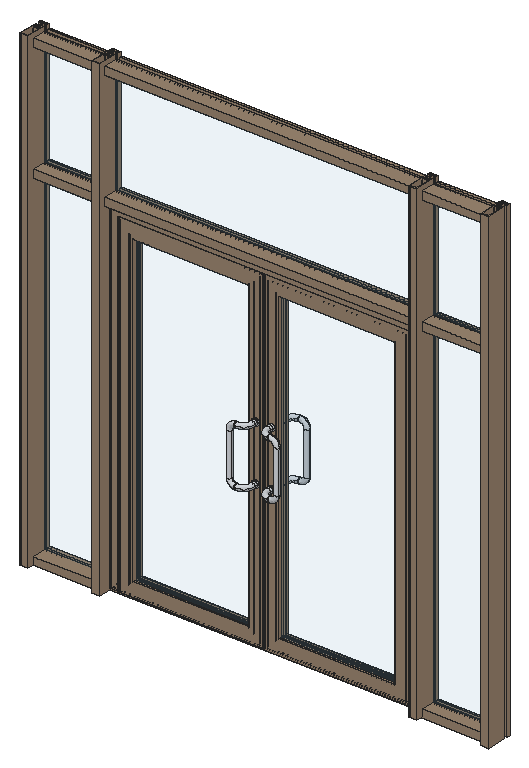
Revit family "6_Витраж с двустворчатой дверью внутр. открывания_F50", category Двери, Revit 2019
Family settings
  Основа = Стена
  Номер OmniClass = 23.30.20.17.11
  Заголовок OmniClass = Fixed Windows
  Всегда вертикально = Да
  При загрузке вырезать с полостями = Нет
  Общий = Нет
  Точка расчета площади = Нет
Parameters (values of type "Стоечно-ригельная F50")
  Ширина прав. = 475.00 mm
  Ширина лев. [instance] = 474.998 mm
  Ширина двери = 2000.00 mm
  Width [instance] = 0.00 mm  # constant formula
  Монтажный зазор.Верх [instance] = 25.00 mm
  Зазор_них_двери = 5.00 mm
  Высота двери = 2200.00 mm
  Высота верхней секции [instance] = 800.00 mm
  VIDNAL_Ширина створки = 1000.00 mm
  VIDNAL_Ширина проема [instance] = 3000.00 mm
  VIDNAL_Цвет конструкции = ""
  VIDNAL_Фурнитура [instance] = ""
  VIDNAL_Формула стеклопакета [instance] = ""
  VIDNAL_Толщина стеклопакета [instance] = "24"  # constant formula
  VIDNAL_Сопротивление ветровой нагрузке = ""
  VIDNAL_Система профилей [instance] = "F50"  # constant formula
  VIDNAL_Площадь изделия [instance] = VIDNAL_Высота проема * VIDNAL_Ширина проема  # 9.00 m²
  VIDNAL_Звукоизоляция [instance] = ""
  VIDNAL_Глубина вставки [instance] = 200.00 mm
  VIDNAL_Высота проема [instance] = 3000.00 mm
  Rough Width = 0.00 mm  # constant formula
  Rough Height = 0.00 mm  # constant formula
  Описание = "Окно"
  Обозначение = "ГОСТ 23747-2015"
  Наименование = ""
  Монтажный зазор.Правый [instance] = 25.00 mm
  Монтажный зазор.Левый [instance] = 25.002 mm
  Марка проема [instance] = ""
  Model = ""
  Стекло = АС_Стекло
  Рама = Алюминий
  Type Comments = ""
  Assembly Code = ""
  Wall Closure = (empty or 0)
  Height [instance] = 0.00 mm  # constant formula
  Аналитическая конструкция = "<Нет>"
  VIDNAL_Возухопроницаемость [instance] = ""
  VIDNAL_Водонепроницаемость [instance] = ""
  VIDNAL_Rприв. профиля со стеклопакетом [instance] = ""
  ADSK_Позиция [instance] = ""
  ADSK_Завод-изготовитель [instance] = "VIDNAL"  # constant formula
Reference planes
  plane 1 "Глубина профиля": y = -152.984
  plane 2 "Отметка 0.000": z = 0
  plane 3 "Слева": x = -1260.6
  plane 4 "Справа": x = 1739.4
  plane 5 "низ рамы": z = 8.998
  plane 6 "ВЕРХ": z = 3000
  plane 7 "Внутренняя": y = -190
  plane 8 "рама верх": z = 2200
  plane 9: y = 190
  plane 10 "стойка1": x = -1235.598
  plane 11 "стойка2": x = -760.6
  plane 12 "стойка3": x = 1239.4
  plane 13 "стойка4": x = 1714.4
  plane 14 "Вставка витража": y = 10
  plane 15 "стекло2": x = -772.6
  plane 16 "верх ригеля": z = 2975
  plane 17 "стекло3": x = -1198.598
  plane 18 "стекло верх": z = 2935.5
  plane 19 "ригель2": z = 2210.5
  plane 20 "стекло сред": z = 2222.5
  plane 21 "стекло прав": x = 1251.4
  plane 22 "стекло прав2": x = 1676.9
  plane 23 "стекло низ": z = 37.5
  plane 24 "Импост": y = -8
  plane 25 "Вставка рамы_слева": x = -750.1
  plane 26 "Вставка рамы_справа": x = 1228.905
  plane 27 "Ось Штульпа": x = 239.402
  plane 28 "Створка правая": x = 241.902
  plane 29 "Створка левая": x = 236.902
Forms (mm)
  Extrusion 1, void, detail levels medium+fine
    sketch origin (0, 38, 0) x (0, 0, 1) y (-1, 0, 0)
      loop
        line (3000, -1739.4) -> (3000, 1260.6) -> (0, 1260.6) -> (0, -1739.4) -> (3000, -1739.4)
    from -152 to 228
  Sweep 2, solid, material "Алюминий" <- "Рама"
    path origin (0, 10, 0) x (0, 0, -1) y (-1, 0, 0)
      loop
        line (0, 1235.598) -> (-3000, 1235.598)
    profile "Стойка_110_F50 : Стойка_110_F50" origin (-1235.598, 10, 1500) x (1, 0, 0) y (0, 1, 0)
      loop
        line (47.802, -65.689) -> (2.202, -65.689) -> (2.202, -159.701) -> (47.802, -159.701) -> (47.802, -65.689)
      loop
        line (27, -22.742) -> (27, -17) -> (23.003, -17) -> (23.003, -22.742) -> (27, -22.742)
      loop
        line (27.002, -33.984) -> (27.002, -24.129) -> (23.002, -24.129) -> (23.002, -33.984) -> (27.002, -33.984)
      loop
        line (27.002, -54.258) -> (27.002, -35.261) -> (23.002, -35.261) -> (23.002, -54.258) -> (27.002, -54.258)
      loop
        line (28.302, -63.458) -> (28.302, -55.984) -> (21.702, -55.984) -> (21.702, -63.458) -> (28.302, -63.458)
      loop
        line (2.15, -12) -> (2.15, -15) -> (11.1, -15) -> (11.1, -12) -> (2.15, -12)
      loop
        line (38.9, -12) -> (38.9, -15) -> (47.85, -15) -> (47.85, -12) -> (38.9, -12)
      loop
        line (36.9, -13) -> (36.9, -10) -> (45.838, -10) -> (45.838, -7) -> (49, -7) -> (49, -1.4) -> (1, -1.4) -> (1, -7) -> (4.181, -7) -> (4.181, -10) -> (13.1, -10) -> (13.1, -13) -> (36.9, -13)
      loop
        line (50, 0) -> (0, 0) -> (0, -17.984) -> (12.999, -17.984) -> (12.999, -16.984) -> (14.683, -16.984) -> (14.683, -15) -> (20, -15) -> (20, -63.484) -> (2.202, -63.484) -> (2.202, -58.984) -> (9.709, -58.984) -> (11.764, -56.825) -> (11.764, -53.006) -> (12.992, -53.006) -> (12.992, -41.959) -> (0.002, -41.959) -> (0.002, -53.006) -> (0.002, -162.984) -> (49.952, -162.984) -> (49.952, -53.065) -> (49.952, -41.967) -> (37.007, -41.967) -> (37.007, -53.065) -> (38.202, -53.065) -> (38.202, -56.832) -> (40.295, -58.984) -> (47.802, -58.984) -> (47.802, -63.458) -> (30, -63.458) -> (30, -15) -> (35.317, -15) -> (35.317, -16.99) -> (37.002, -16.99) -> (37.002, -18) -> (50, -18) -> (50, 0)
  Sweep 3, solid, material "Алюминий" <- "Рама"
    path origin (0, 10, 0) x (0, 0, -1) y (-1, 0, 0)
      loop
        line (0, 760.6) -> (-3000, 760.6)
    profile "Стойка_110_F50 : Стойка_110_F50" origin (-760.6, 10, 1500) x (1, 0, 0) y (0, 1, 0)
      loop
        line (22.802, -65.689) -> (-22.798, -65.689) -> (-22.798, -159.701) -> (22.802, -159.701) -> (22.802, -65.689)
      loop
        line (2, -22.742) -> (2, -17) -> (-1.997, -17) -> (-1.997, -22.742) -> (2, -22.742)
      loop
        line (2.002, -33.984) -> (2.002, -24.129) -> (-1.998, -24.129) -> (-1.998, -33.984) -> (2.002, -33.984)
      loop
        line (2.002, -54.258) -> (2.002, -35.261) -> (-1.998, -35.261) -> (-1.998, -54.258) -> (2.002, -54.258)
      loop
        line (3.302, -63.458) -> (3.302, -55.984) -> (-3.298, -55.984) -> (-3.298, -63.458) -> (3.302, -63.458)
      loop
        line (-22.85, -12) -> (-22.85, -15) -> (-13.9, -15) -> (-13.9, -12) -> (-22.85, -12)
      loop
        line (13.9, -12) -> (13.9, -15) -> (22.85, -15) -> (22.85, -12) -> (13.9, -12)
      loop
        line (11.9, -13) -> (11.9, -10) -> (20.838, -10) -> (20.838, -7) -> (24, -7) -> (24, -1.4) -> (-24, -1.4) -> (-24, -7) -> (-20.819, -7) -> (-20.819, -10) -> (-11.9, -10) -> (-11.9, -13) -> (11.9, -13)
      loop
        line (25, 0) -> (-25, 0) -> (-25, -17.984) -> (-12.001, -17.984) -> (-12.001, -16.984) -> (-10.317, -16.984) -> (-10.317, -15) -> (-5, -15) -> (-5, -63.484) -> (-22.798, -63.484) -> (-22.798, -58.984) -> (-15.291, -58.984) -> (-13.236, -56.825) -> (-13.236, -53.006) -> (-12.008, -53.006) -> (-12.008, -41.959) -> (-24.998, -41.959) -> (-24.998, -53.006) -> (-24.998, -162.984) -> (24.952, -162.984) -> (24.952, -53.065) -> (24.952, -41.967) -> (12.007, -41.967) -> (12.007, -53.065) -> (13.202, -53.065) -> (13.202, -56.832) -> (15.295, -58.984) -> (22.802, -58.984) -> (22.802, -63.458) -> (5, -63.458) -> (5, -15) -> (10.317, -15) -> (10.317, -16.99) -> (12.002, -16.99) -> (12.002, -18) -> (25, -18) -> (25, 0)
  Sweep 4, solid, material "Алюминий" <- "Рама"
    path origin (0, 10, 0) x (0, 0, -1) y (-1, 0, 0)
      loop
        line (-2975, 1185.646) -> (-2975, 785.598)
    profile "Ригель_86_F50 : Ригель_86_F50" origin (-985.622, 10, 2975) x (0, 0, -1) y (0, 1, 0)
      loop
        line (10.999, -40.802) -> (1.81, -40.802) -> (1.81, -48) -> (10.999, -48) -> (10.999, -40.802)
      loop
        line (48.199, -40.802) -> (39.01, -40.802) -> (39.01, -48) -> (48.199, -48) -> (48.199, -40.802)
      loop
        line (48.199, -128.4) -> (48.199, -49.673) -> (1.788, -49.673) -> (1.788, -128.4) -> (48.199, -128.4)
      loop
        line (28.5, -21.077) -> (28.5, -14) -> (21.5, -14) -> (21.5, -21.077) -> (28.5, -21.077)
      loop
        line (28.5, -31.01) -> (28.5, -22.563) -> (21.5, -22.563) -> (21.5, -31.01) -> (28.5, -31.01)
      loop
        line (27, -48) -> (27, -33.139) -> (23.02, -33.139) -> (23.02, -48) -> (27, -48)
      loop
        line (2.15, -9) -> (2.15, -12) -> (11.1, -12) -> (11.1, -9) -> (2.15, -9)
      loop
        line (38.9, -9) -> (38.9, -12) -> (47.85, -12) -> (47.85, -9) -> (38.9, -9)
      loop
        line (36.9, -10) -> (36.9, -7) -> (45.819, -7) -> (45.838, -4) -> (49, -4) -> (49, -1.4) -> (1, -1.4) -> (1, -4) -> (4.181, -4) -> (4.181, -7) -> (13.1, -7) -> (13.1, -10) -> (36.9, -10)
      loop
        line (20, -12) -> (20, -48) -> (12.8, -48) -> (12.8, -39) -> (0.024, -39) -> (0.024, -130) -> (50, -130) -> (50, -39) -> (37.2, -39) -> (37.2, -48) -> (29.9, -48) -> (29.9, -12) -> (35.317, -12) -> (35.317, -13.99) -> (37.002, -13.99) -> (37.002, -15) -> (50, -15) -> (50, 0) -> (0, 0) -> (0, -14.984) -> (12.999, -14.984) -> (12.999, -13.984) -> (14.683, -13.984) -> (14.683, -12) -> (20, -12)
  Sweep 5, solid, material "Алюминий" <- "Рама"
    path origin (0.048, 10, 0) x (0, 0, -1) y (-1, 0, 0)
      loop
        line (0, -1714.4) -> (-3000, -1714.4)
    profile "Стойка_110_F50 : Стойка_110_F50" origin (1714.448, 10, 1500) x (1, 0, 0) y (0, 1, 0)
      loop
        line (-2.198, -65.689) -> (-47.798, -65.689) -> (-47.798, -159.701) -> (-2.198, -159.701) -> (-2.198, -65.689)
      loop
        line (-23, -22.742) -> (-23, -17) -> (-26.997, -17) -> (-26.997, -22.742) -> (-23, -22.742)
      loop
        line (-22.998, -33.984) -> (-22.998, -24.129) -> (-26.998, -24.129) -> (-26.998, -33.984) -> (-22.998, -33.984)
      loop
        line (-22.998, -54.258) -> (-22.998, -35.261) -> (-26.998, -35.261) -> (-26.998, -54.258) -> (-22.998, -54.258)
      loop
        line (-21.698, -63.458) -> (-21.698, -55.984) -> (-28.298, -55.984) -> (-28.298, -63.458) -> (-21.698, -63.458)
      loop
        line (-47.85, -12) -> (-47.85, -15) -> (-38.9, -15) -> (-38.9, -12) -> (-47.85, -12)
      loop
        line (-11.1, -12) -> (-11.1, -15) -> (-2.15, -15) -> (-2.15, -12) -> (-11.1, -12)
      loop
        line (-13.1, -13) -> (-13.1, -10) -> (-4.162, -10) -> (-4.162, -7) -> (-1, -7) -> (-1, -1.4) -> (-49, -1.4) -> (-49, -7) -> (-45.819, -7) -> (-45.819, -10) -> (-36.9, -10) -> (-36.9, -13) -> (-13.1, -13)
      loop
        line (0, 0) -> (-50, 0) -> (-50, -17.984) -> (-37.001, -17.984) -> (-37.001, -16.984) -> (-35.317, -16.984) -> (-35.317, -15) -> (-30, -15) -> (-30, -63.484) -> (-47.798, -63.484) -> (-47.798, -58.984) -> (-40.291, -58.984) -> (-38.236, -56.825) -> (-38.236, -53.006) -> (-37.008, -53.006) -> (-37.008, -41.959) -> (-49.998, -41.959) -> (-49.998, -53.006) -> (-49.998, -162.984) -> (-0.048, -162.984) -> (-0.048, -53.065) -> (-0.048, -41.967) -> (-12.993, -41.967) -> (-12.993, -53.065) -> (-11.798, -53.065) -> (-11.798, -56.832) -> (-9.705, -58.984) -> (-2.198, -58.984) -> (-2.198, -63.458) -> (-20, -63.458) -> (-20, -15) -> (-14.683, -15) -> (-14.683, -16.99) -> (-12.998, -16.99) -> (-12.998, -18) -> (0, -18) -> (0, 0)
  Extrusion 6, solid, material "АС_Стекло"
    sketch origin (0, -8, 0) x (0, 0, 1) y (-1, 0, 0)
      loop
        line (2200, 1198.598) -> (35.317, 1198.598) -> (35.317, 772.6) -> (2200, 772.6) -> (2200, 1198.598)
    from 0 to 24
  Sweep 7, solid, material "Алюминий" <- "Рама"
    path origin (0, 10, 0) x (0, 0, -1) y (-1, 0, 0)
      loop
        line (0, -1239.4) -> (-3000, -1239.4)
    profile "Стойка_110_F50 : Стойка_110_F50" origin (1239.4, 10, 1500) x (1, 0, 0) y (0, 1, 0)
      loop
        line (22.802, -65.689) -> (-22.798, -65.689) -> (-22.798, -159.701) -> (22.802, -159.701) -> (22.802, -65.689)
      loop
        line (2, -22.742) -> (2, -17) -> (-1.997, -17) -> (-1.997, -22.742) -> (2, -22.742)
      loop
        line (2.002, -33.984) -> (2.002, -24.129) -> (-1.998, -24.129) -> (-1.998, -33.984) -> (2.002, -33.984)
      loop
        line (2.002, -54.258) -> (2.002, -35.261) -> (-1.998, -35.261) -> (-1.998, -54.258) -> (2.002, -54.258)
      loop
        line (3.302, -63.458) -> (3.302, -55.984) -> (-3.298, -55.984) -> (-3.298, -63.458) -> (3.302, -63.458)
      loop
        line (-22.85, -12) -> (-22.85, -15) -> (-13.9, -15) -> (-13.9, -12) -> (-22.85, -12)
      loop
        line (13.9, -12) -> (13.9, -15) -> (22.85, -15) -> (22.85, -12) -> (13.9, -12)
      loop
        line (11.9, -13) -> (11.9, -10) -> (20.838, -10) -> (20.838, -7) -> (24, -7) -> (24, -1.4) -> (-24, -1.4) -> (-24, -7) -> (-20.819, -7) -> (-20.819, -10) -> (-11.9, -10) -> (-11.9, -13) -> (11.9, -13)
      loop
        line (25, 0) -> (-25, 0) -> (-25, -17.984) -> (-12.001, -17.984) -> (-12.001, -16.984) -> (-10.317, -16.984) -> (-10.317, -15) -> (-5, -15) -> (-5, -63.484) -> (-22.798, -63.484) -> (-22.798, -58.984) -> (-15.291, -58.984) -> (-13.236, -56.825) -> (-13.236, -53.006) -> (-12.008, -53.006) -> (-12.008, -41.959) -> (-24.998, -41.959) -> (-24.998, -53.006) -> (-24.998, -162.984) -> (24.952, -162.984) -> (24.952, -53.065) -> (24.952, -41.967) -> (12.007, -41.967) -> (12.007, -53.065) -> (13.202, -53.065) -> (13.202, -56.832) -> (15.295, -58.984) -> (22.802, -58.984) -> (22.802, -63.458) -> (5, -63.458) -> (5, -15) -> (10.317, -15) -> (10.317, -16.99) -> (12.002, -16.99) -> (12.002, -18) -> (25, -18) -> (25, 0)
  Sweep 8, solid, material "Алюминий" <- "Рама"
    path origin (0, 10, 0) x (0, 0, -1) y (-1, 0, 0)
      loop
        line (-2975, 735.648) -> (-2975, -1214.402)
    profile "Ригель_86_F50 : Ригель_86_F50" origin (239.377, 10, 2975) x (0, 0, -1) y (0, 1, 0)
      loop
        line (10.999, -40.802) -> (1.81, -40.802) -> (1.81, -48) -> (10.999, -48) -> (10.999, -40.802)
      loop
        line (48.199, -40.802) -> (39.01, -40.802) -> (39.01, -48) -> (48.199, -48) -> (48.199, -40.802)
      loop
        line (48.199, -128.4) -> (48.199, -49.673) -> (1.788, -49.673) -> (1.788, -128.4) -> (48.199, -128.4)
      loop
        line (28.5, -21.077) -> (28.5, -14) -> (21.5, -14) -> (21.5, -21.077) -> (28.5, -21.077)
      loop
        line (28.5, -31.01) -> (28.5, -22.563) -> (21.5, -22.563) -> (21.5, -31.01) -> (28.5, -31.01)
      loop
        line (27, -48) -> (27, -33.139) -> (23.02, -33.139) -> (23.02, -48) -> (27, -48)
      loop
        line (2.15, -9) -> (2.15, -12) -> (11.1, -12) -> (11.1, -9) -> (2.15, -9)
      loop
        line (38.9, -9) -> (38.9, -12) -> (47.85, -12) -> (47.85, -9) -> (38.9, -9)
      loop
        line (36.9, -10) -> (36.9, -7) -> (45.819, -7) -> (45.838, -4) -> (49, -4) -> (49, -1.4) -> (1, -1.4) -> (1, -4) -> (4.181, -4) -> (4.181, -7) -> (13.1, -7) -> (13.1, -10) -> (36.9, -10)
      loop
        line (20, -12) -> (20, -48) -> (12.8, -48) -> (12.8, -39) -> (0.024, -39) -> (0.024, -130) -> (50, -130) -> (50, -39) -> (37.2, -39) -> (37.2, -48) -> (29.9, -48) -> (29.9, -12) -> (35.317, -12) -> (35.317, -13.99) -> (37.002, -13.99) -> (37.002, -15) -> (50, -15) -> (50, 0) -> (0, 0) -> (0, -14.984) -> (12.999, -14.984) -> (12.999, -13.984) -> (14.683, -13.984) -> (14.683, -12) -> (20, -12)
  Sweep 9, solid, material "Алюминий" <- "Рама"
    path origin (0, 10, 0) x (0, 0, -1) y (-1, 0, 0)
      loop
        line (-2975, -1264.352) -> (-2975, -1664.45)
    profile "Ригель_86_F50 : Ригель_86_F50" origin (1464.401, 10, 2975) x (0, 0, -1) y (0, 1, 0)
      loop
        line (10.999, -40.802) -> (1.81, -40.802) -> (1.81, -48) -> (10.999, -48) -> (10.999, -40.802)
      loop
        line (48.199, -40.802) -> (39.01, -40.802) -> (39.01, -48) -> (48.199, -48) -> (48.199, -40.802)
      loop
        line (48.199, -128.4) -> (48.199, -49.673) -> (1.788, -49.673) -> (1.788, -128.4) -> (48.199, -128.4)
      loop
        line (28.5, -21.077) -> (28.5, -14) -> (21.5, -14) -> (21.5, -21.077) -> (28.5, -21.077)
      loop
        line (28.5, -31.01) -> (28.5, -22.563) -> (21.5, -22.563) -> (21.5, -31.01) -> (28.5, -31.01)
      loop
        line (27, -48) -> (27, -33.139) -> (23.02, -33.139) -> (23.02, -48) -> (27, -48)
      loop
        line (2.15, -9) -> (2.15, -12) -> (11.1, -12) -> (11.1, -9) -> (2.15, -9)
      loop
        line (38.9, -9) -> (38.9, -12) -> (47.85, -12) -> (47.85, -9) -> (38.9, -9)
      loop
        line (36.9, -10) -> (36.9, -7) -> (45.819, -7) -> (45.838, -4) -> (49, -4) -> (49, -1.4) -> (1, -1.4) -> (1, -4) -> (4.181, -4) -> (4.181, -7) -> (13.1, -7) -> (13.1, -10) -> (36.9, -10)
      loop
        line (20, -12) -> (20, -48) -> (12.8, -48) -> (12.8, -39) -> (0.024, -39) -> (0.024, -130) -> (50, -130) -> (50, -39) -> (37.2, -39) -> (37.2, -48) -> (29.9, -48) -> (29.9, -12) -> (35.317, -12) -> (35.317, -13.99) -> (37.002, -13.99) -> (37.002, -15) -> (50, -15) -> (50, 0) -> (0, 0) -> (0, -14.984) -> (12.999, -14.984) -> (12.999, -13.984) -> (14.683, -13.984) -> (14.683, -12) -> (20, -12)
  Sweep 10, solid, material "Алюминий" <- "Рама"
    path origin (0, 10, 0) x (0, 0, -1) y (-1, 0, 0)
      loop
        line (-2210.5, 1185.646) -> (-2210.5, 785.598)
    profile "Ригель_86_F50 : Ригель_86_F50" origin (-985.622, 10, 2210.5) x (0, 0, -1) y (0, 1, 0)
      loop
        line (-14.001, -40.802) -> (-23.19, -40.802) -> (-23.19, -48) -> (-14.001, -48) -> (-14.001, -40.802)
      loop
        line (23.199, -40.802) -> (14.01, -40.802) -> (14.01, -48) -> (23.199, -48) -> (23.199, -40.802)
      loop
        line (23.199, -128.4) -> (23.199, -49.673) -> (-23.212, -49.673) -> (-23.212, -128.4) -> (23.199, -128.4)
      loop
        line (3.5, -21.077) -> (3.5, -14) -> (-3.5, -14) -> (-3.5, -21.077) -> (3.5, -21.077)
      loop
        line (3.5, -31.01) -> (3.5, -22.563) -> (-3.5, -22.563) -> (-3.5, -31.01) -> (3.5, -31.01)
      loop
        line (2, -48) -> (2, -33.139) -> (-1.98, -33.139) -> (-1.98, -48) -> (2, -48)
      loop
        line (-22.85, -9) -> (-22.85, -12) -> (-13.9, -12) -> (-13.9, -9) -> (-22.85, -9)
      loop
        line (13.9, -9) -> (13.9, -12) -> (22.85, -12) -> (22.85, -9) -> (13.9, -9)
      loop
        line (11.9, -10) -> (11.9, -7) -> (20.819, -7) -> (20.838, -4) -> (24, -4) -> (24, -1.4) -> (-24, -1.4) -> (-24, -4) -> (-20.819, -4) -> (-20.819, -7) -> (-11.9, -7) -> (-11.9, -10) -> (11.9, -10)
      loop
        line (-5, -12) -> (-5, -48) -> (-12.2, -48) -> (-12.2, -39) -> (-24.976, -39) -> (-24.976, -130) -> (25, -130) -> (25, -39) -> (12.2, -39) -> (12.2, -48) -> (4.9, -48) -> (4.9, -12) -> (10.317, -12) -> (10.317, -13.99) -> (12.002, -13.99) -> (12.002, -15) -> (25, -15) -> (25, 0) -> (-25, 0) -> (-25, -14.984) -> (-12.001, -14.984) -> (-12.001, -13.984) -> (-10.317, -13.984) -> (-10.317, -12) -> (-5, -12)
  Sweep 11, solid, material "Алюминий" <- "Рама"
    path origin (0, 10, 0) x (0, 0, -1) y (-1, 0, 0)
      loop
        line (-2210.5, 735.648) -> (-2210.5, -1214.402)
    profile "Ригель_86_F50 : Ригель_86_F50" origin (239.377, 10, 2210.5) x (0, 0, -1) y (0, 1, 0)
      loop
        line (-14.001, -40.802) -> (-23.19, -40.802) -> (-23.19, -48) -> (-14.001, -48) -> (-14.001, -40.802)
      loop
        line (23.199, -40.802) -> (14.01, -40.802) -> (14.01, -48) -> (23.199, -48) -> (23.199, -40.802)
      loop
        line (23.199, -128.4) -> (23.199, -49.673) -> (-23.212, -49.673) -> (-23.212, -128.4) -> (23.199, -128.4)
      loop
        line (3.5, -21.077) -> (3.5, -14) -> (-3.5, -14) -> (-3.5, -21.077) -> (3.5, -21.077)
      loop
        line (3.5, -31.01) -> (3.5, -22.563) -> (-3.5, -22.563) -> (-3.5, -31.01) -> (3.5, -31.01)
      loop
        line (2, -48) -> (2, -33.139) -> (-1.98, -33.139) -> (-1.98, -48) -> (2, -48)
      loop
        line (-22.85, -9) -> (-22.85, -12) -> (-13.9, -12) -> (-13.9, -9) -> (-22.85, -9)
      loop
        line (13.9, -9) -> (13.9, -12) -> (22.85, -12) -> (22.85, -9) -> (13.9, -9)
      loop
        line (11.9, -10) -> (11.9, -7) -> (20.819, -7) -> (20.838, -4) -> (24, -4) -> (24, -1.4) -> (-24, -1.4) -> (-24, -4) -> (-20.819, -4) -> (-20.819, -7) -> (-11.9, -7) -> (-11.9, -10) -> (11.9, -10)
      loop
        line (-5, -12) -> (-5, -48) -> (-12.2, -48) -> (-12.2, -39) -> (-24.976, -39) -> (-24.976, -130) -> (25, -130) -> (25, -39) -> (12.2, -39) -> (12.2, -48) -> (4.9, -48) -> (4.9, -12) -> (10.317, -12) -> (10.317, -13.99) -> (12.002, -13.99) -> (12.002, -15) -> (25, -15) -> (25, 0) -> (-25, 0) -> (-25, -14.984) -> (-12.001, -14.984) -> (-12.001, -13.984) -> (-10.317, -13.984) -> (-10.317, -12) -> (-5, -12)
  Sweep 12, solid, material "Алюминий" <- "Рама"
    path origin (0, 10, 0) x (0, 0, -1) y (-1, 0, 0)
      loop
        line (-2210.5, -1264.352) -> (-2210.5, -1664.45)
    profile "Ригель_86_F50 : Ригель_86_F50" origin (1464.401, 10, 2210.5) x (0, 0, -1) y (0, 1, 0)
      loop
        line (-14.001, -40.802) -> (-23.19, -40.802) -> (-23.19, -48) -> (-14.001, -48) -> (-14.001, -40.802)
      loop
        line (23.199, -40.802) -> (14.01, -40.802) -> (14.01, -48) -> (23.199, -48) -> (23.199, -40.802)
      loop
        line (23.199, -128.4) -> (23.199, -49.673) -> (-23.212, -49.673) -> (-23.212, -128.4) -> (23.199, -128.4)
      loop
        line (3.5, -21.077) -> (3.5, -14) -> (-3.5, -14) -> (-3.5, -21.077) -> (3.5, -21.077)
      loop
        line (3.5, -31.01) -> (3.5, -22.563) -> (-3.5, -22.563) -> (-3.5, -31.01) -> (3.5, -31.01)
      loop
        line (2, -48) -> (2, -33.139) -> (-1.98, -33.139) -> (-1.98, -48) -> (2, -48)
      loop
        line (-22.85, -9) -> (-22.85, -12) -> (-13.9, -12) -> (-13.9, -9) -> (-22.85, -9)
      loop
        line (13.9, -9) -> (13.9, -12) -> (22.85, -12) -> (22.85, -9) -> (13.9, -9)
      loop
        line (11.9, -10) -> (11.9, -7) -> (20.819, -7) -> (20.838, -4) -> (24, -4) -> (24, -1.4) -> (-24, -1.4) -> (-24, -4) -> (-20.819, -4) -> (-20.819, -7) -> (-11.9, -7) -> (-11.9, -10) -> (11.9, -10)
      loop
        line (-5, -12) -> (-5, -48) -> (-12.2, -48) -> (-12.2, -39) -> (-24.976, -39) -> (-24.976, -130) -> (25, -130) -> (25, -39) -> (12.2, -39) -> (12.2, -48) -> (4.9, -48) -> (4.9, -12) -> (10.317, -12) -> (10.317, -13.99) -> (12.002, -13.99) -> (12.002, -15) -> (25, -15) -> (25, 0) -> (-25, 0) -> (-25, -14.984) -> (-12.001, -14.984) -> (-12.001, -13.984) -> (-10.317, -13.984) -> (-10.317, -12) -> (-5, -12)
  Extrusion 13, solid, material "АС_Стекло"
    sketch origin (80.2, -5, 1700) x (0, 0, -1) y (-1, 0, 0)
      loop
        line (-1235.5, 1278.798) -> (-1235.5, 852.8) -> (-522.5, 852.8) -> (-522.5, 1278.798) -> (-1235.5, 1278.798)
    from 0 to -24
  Extrusion 14, solid, material "АС_Стекло"
    sketch origin (860.2, -5, 1700) x (0, 0, -1) y (-1, 0, 0)
      loop
        line (-1235.5, 1608.8) -> (-1235.5, -367.2) -> (-522.5, -367.2) -> (-522.5, 1608.8) -> (-1235.5, 1608.8)
    from 0 to -24
  Extrusion 15, solid, material "АС_Стекло"
    sketch origin (2640.2, -5, 1700) x (0, 0, -1) y (-1, 0, 0)
      loop
        line (-1235.5, 1388.8) -> (-1235.5, 963.3) -> (-522.5, 963.3) -> (-522.5, 1388.8) -> (-1235.5, 1388.8)
    from 0 to -24
  Sweep 16, solid, material "Алюминий"
    path origin (0, 10, 0) x (0, 0, -1) y (-1, 0, 0)
      loop
        line (-50, 1185.646) -> (-50, 785.598)
    profile "Ригель_86_F50 : Ригель_86_F50" origin (-985.622, 10, 50) x (0, 0, -1) y (0, 1, 0)
      loop
        line (10.999, -40.802) -> (1.81, -40.802) -> (1.81, -48) -> (10.999, -48) -> (10.999, -40.802)
      loop
        line (48.199, -40.802) -> (39.01, -40.802) -> (39.01, -48) -> (48.199, -48) -> (48.199, -40.802)
      loop
        line (48.199, -128.4) -> (48.199, -49.673) -> (1.788, -49.673) -> (1.788, -128.4) -> (48.199, -128.4)
      loop
        line (28.5, -21.077) -> (28.5, -14) -> (21.5, -14) -> (21.5, -21.077) -> (28.5, -21.077)
      loop
        line (28.5, -31.01) -> (28.5, -22.563) -> (21.5, -22.563) -> (21.5, -31.01) -> (28.5, -31.01)
      loop
        line (27, -48) -> (27, -33.139) -> (23.02, -33.139) -> (23.02, -48) -> (27, -48)
      loop
        line (2.15, -9) -> (2.15, -12) -> (11.1, -12) -> (11.1, -9) -> (2.15, -9)
      loop
        line (38.9, -9) -> (38.9, -12) -> (47.85, -12) -> (47.85, -9) -> (38.9, -9)
      loop
        line (36.9, -10) -> (36.9, -7) -> (45.819, -7) -> (45.838, -4) -> (49, -4) -> (49, -1.4) -> (1, -1.4) -> (1, -4) -> (4.181, -4) -> (4.181, -7) -> (13.1, -7) -> (13.1, -10) -> (36.9, -10)
      loop
        line (20, -12) -> (20, -48) -> (12.8, -48) -> (12.8, -39) -> (0.024, -39) -> (0.024, -130) -> (50, -130) -> (50, -39) -> (37.2, -39) -> (37.2, -48) -> (29.9, -48) -> (29.9, -12) -> (35.317, -12) -> (35.317, -13.99) -> (37.002, -13.99) -> (37.002, -15) -> (50, -15) -> (50, 0) -> (0, 0) -> (0, -14.984) -> (12.999, -14.984) -> (12.999, -13.984) -> (14.683, -13.984) -> (14.683, -12) -> (20, -12)
  Sweep 17, solid, material "Алюминий"
    path origin (0, 10, 0) x (0, 0, -1) y (-1, 0, 0)
      loop
        line (-50, -1264.352) -> (-50, -1664.4)
    profile "Ригель_86_F50 : Ригель_86_F50" origin (1464.376, 10, 50) x (0, 0, -1) y (0, 1, 0)
      loop
        line (10.999, -40.802) -> (1.81, -40.802) -> (1.81, -48) -> (10.999, -48) -> (10.999, -40.802)
      loop
        line (48.199, -40.802) -> (39.01, -40.802) -> (39.01, -48) -> (48.199, -48) -> (48.199, -40.802)
      loop
        line (48.199, -128.4) -> (48.199, -49.673) -> (1.788, -49.673) -> (1.788, -128.4) -> (48.199, -128.4)
      loop
        line (28.5, -21.077) -> (28.5, -14) -> (21.5, -14) -> (21.5, -21.077) -> (28.5, -21.077)
      loop
        line (28.5, -31.01) -> (28.5, -22.563) -> (21.5, -22.563) -> (21.5, -31.01) -> (28.5, -31.01)
      loop
        line (27, -48) -> (27, -33.139) -> (23.02, -33.139) -> (23.02, -48) -> (27, -48)
      loop
        line (2.15, -9) -> (2.15, -12) -> (11.1, -12) -> (11.1, -9) -> (2.15, -9)
      loop
        line (38.9, -9) -> (38.9, -12) -> (47.85, -12) -> (47.85, -9) -> (38.9, -9)
      loop
        line (36.9, -10) -> (36.9, -7) -> (45.819, -7) -> (45.838, -4) -> (49, -4) -> (49, -1.4) -> (1, -1.4) -> (1, -4) -> (4.181, -4) -> (4.181, -7) -> (13.1, -7) -> (13.1, -10) -> (36.9, -10)
      loop
        line (20, -12) -> (20, -48) -> (12.8, -48) -> (12.8, -39) -> (0.024, -39) -> (0.024, -130) -> (50, -130) -> (50, -39) -> (37.2, -39) -> (37.2, -48) -> (29.9, -48) -> (29.9, -12) -> (35.317, -12) -> (35.317, -13.99) -> (37.002, -13.99) -> (37.002, -15) -> (50, -15) -> (50, 0) -> (0, 0) -> (0, -14.984) -> (12.999, -14.984) -> (12.999, -13.984) -> (14.683, -13.984) -> (14.683, -12) -> (20, -12)
  Extrusion 18, solid
    sketch origin (0, -8, 0) x (0, 0, 1) y (-1, 0, 0)
      loop
        line (2200, -1251.4) -> (37.001, -1251.4) -> (37.001, -1676.9) -> (2200, -1676.9) -> (2200, -1251.4)
    from 0 to 24
  Sweep 19, solid
    path origin (-7.533, -8, -0.751) x (0, 0, 1) y (-1, 0, 0)
      loop
        line (17.714, 734.6) -> (2192.784, 734.6) -> (2192.784, -1228.47) -> (17.714, -1228.47)
    profile "Профиль_Створка_дверь_наруж_(ригель)_162-242 : Профиль_Створка_дверь_наруж_(ригель)_162-242" origin (239.402, -8, 2192.033) x (0, 0, 1) y (0, -1, 0)
      loop
        line (-64.152, 16.171) -> (-56.612, 10) -> (-23.363, 10) -> (-15.85, 16.442) -> (-15.85, 29.758) -> (-23.363, 36) -> (-56.612, 36) -> (-64.152, 29.761) -> (-64.152, 16.171)
      loop
        line (-20.75, 1.8) -> (-20.75, 8.2) -> (-59.25, 8.2) -> (-59.25, 1.8) -> (-20.75, 1.8)
      loop
        line (-64.25, 37.8) -> (-15.75, 37.8) -> (-15.75, 52.948) -> (-20.75, 52.948) -> (-20.75, 70.2) -> (-59.25, 70.2) -> (-59.25, 62.1) -> (-64.25, 62.1) -> (-64.25, 37.8)
      loop
        line (-14, 72) -> (-61, 72) -> (-61, 63.7) -> (-71, 63.7) -> (-71, 62) -> (-66, 62) -> (-66, 8.25) -> (-61, 8.25) -> (-61, 1.5) -> (-76, 1.5) -> (-76, 4.2) -> (-78.43, 4.2) -> (-78.43, 3.051) -> (-77.43, 3.051) -> (-77.43, 1.5) -> (-81.5, 1.5) -> (-81.5, 3.051) -> (-80.5, 3.051) -> (-80.5, 4.2) -> (-83, 4.2) -> (-83, 0) -> (-61, 0) -> (7.967, 0) -> (7.967, 8) -> (1.631, 8) -> (1.631, 4.2) -> (-0.5, 4.2) -> (-0.5, 3.2) -> (1, 3.2) -> (1, 1.5) -> (-19, 1.5) -> (-19, 8.3) -> (-14, 8.3) -> (-14, 57.791) -> (-15.75, 57.791) -> (-15.75, 54.8) -> (-19, 54.8) -> (-19, 70.2) -> (-15.75, 70.2) -> (-15.75, 66.8) -> (-14, 66.8) -> (-14, 72)
  Sweep 20, solid, material "Алюминий"
    path origin (0, -8, 0) x (0, 0, 1) y (-1, 0, 0)
      loop
        line (2132.783, -239.354) -> (23.3, -239.354)
    profile "Профиль_Штульп_дверь_172-272 : Профиль_Штульп_дверь_172-272" origin (239.354, -8, 1078.041) x (1, 0, 0) y (0, -1, 0)
      loop
        line (-12.589, 55.758) -> (-12.589, 42.239) -> (-7.175, 38.366) -> (-5.952, 36.516) -> (-4.729, 38.366) -> (0.697, 42.239) -> (0.697, 55.758) -> (-4.729, 59.634) -> (-5.946, 61.475) -> (-7.238, 59.6) -> (-12.589, 55.758)
      loop
        line (-12.952, 34.3) -> (-12.952, 6.8) -> (-17.952, 6.8) -> (-17.952, 1.5) -> (0.848, 1.5) -> (0.848, 34.3) -> (-12.952, 34.3)
      loop
        line (-19.452, 63.75) -> (-19.452, 62) -> (-14.452, 62) -> (-14.452, 8.3) -> (-19.452, 8.3) -> (-19.452, 0) -> (19.548, 0) -> (19.548, 4.2) -> (17.548, 4.2) -> (17.548, 3.2) -> (18.548, 3.2) -> (18.548, 1.2) -> (13.548, 1.2) -> (13.548, 3.2) -> (14.548, 3.2) -> (14.548, 4.2) -> (12.548, 4.2) -> (12.548, 1.5) -> (2.548, 1.5) -> (2.548, 62) -> (7.548, 62) -> (7.548, 63.75) -> (-2.452, 63.75) -> (-2.452, 67.8) -> (-5.952, 67.8) -> (-5.952, 68.949) -> (-7.452, 68.949) -> (-7.452, 66.25) -> (-3.952, 66.25) -> (-3.952, 63.75) -> (-19.452, 63.75)
  Sweep 21, solid, material "Алюминий"
    path origin (0, -98.008, -55) x (0, 0, -1) y (1, 0, 0)
      loop
        line (-30, -735.6) -> (-30, 1214.4)
    profile "Профиль_Порог_174-174 : Профиль_Порог_174-174" origin (239.4, -98.008, -25) x (0, 0, 1) y (0, -1, 0)
      loop
        line (37.138, -49.036) -> (31.993, -45.296) -> (26.849, -49.039) -> (26.849, -62.558) -> (31.993, -66.301) -> (37.138, -62.556) -> (37.138, -49.036)
      loop
        line (41, -22.208) -> (34.001, -22.208) -> (34.001, -26.297) -> (25, -26.297) -> (25, -27.92) -> (26.001, -27.92) -> (26.001, -40.997) -> (25, -40.997) -> (25, -70.6) -> (26.001, -70.6) -> (26.001, -83.677) -> (25, -83.677) -> (25, -85.3) -> (38.938, -85.3) -> (38.938, -79.827) -> (48.3, -79.827) -> (48.3, -71.901) -> (39, -71.901) -> (39, -25.207) -> (35.472, -25.207) -> (35.472, -23.354) -> (41, -23.354) -> (41, -22.208)
      loop
        arc (32.68, -74.274) -> (32, -70.6) -> (31.32, -74.274) r 1.9
        line (31.32, -74.274) -> (30.134, -75.461)
        arc (30.134, -75.461) -> (28.582, -73.254) -> (29.061, -70.6) r 3.5
        line (29.061, -70.6) -> (27.5, -70.6) -> (27.5, -83.502) -> (36.8, -83.502) -> (36.8, -70.6) -> (34.94, -70.6)
        arc (34.94, -70.6) -> (35.418, -73.254) -> (33.867, -75.461) r 3.5
        line (33.867, -75.461) -> (32.68, -74.274)
      loop
        line (32.68, -37.323) -> (33.867, -36.136)
        arc (33.867, -36.136) -> (35.418, -38.342) -> (34.94, -40.997) r 3.5
        line (34.94, -40.997) -> (36.8, -40.997) -> (36.8, -28.095) -> (27.5, -28.095) -> (27.5, -40.997) -> (29.061, -40.997)
        arc (29.061, -40.997) -> (28.582, -38.342) -> (30.134, -36.136) r 3.5
        line (30.134, -36.136) -> (31.32, -37.323)
        arc (31.32, -37.323) -> (32, -40.997) -> (32.68, -37.323) r 1.9
Lines and regions (mm)
  symbolic lines, detail levels fine
    curve 1: line (-163.1, -5, 8.998) -> (-163.1, -152.984, 8.998)
    curve 4: line (-163.1, -5, 3000) -> (-163.1, -152.984, 3000)
  symbolic lines
    curve 2: line (-163.1, -5, 1269.333) -> (-163.1, -5, 8.998)
    curve 3: line (-163.1, -152.984, 8.998) -> (-163.1, -152.984, 1269.333)
    curve 5: line (-163.1, -5, 2200) -> (-163.1, -5, 3000)
    curve 6: line (-163.1, -152.984, 3000) -> (-163.1, -152.984, 2200)
  symbolic lines, detail levels coarse
    curve 7: line (1739.4, -5, 3000) -> (1739.4, -5, 0)
    curve 8: line (1739.4, -152.984, 3000) -> (1739.4, -152.984, 0)
  reference lines
    curve 9: line (1214.402, -5, 2187.045) -> (1214.402, -5, 1242.045)
    curve 10: line (-742.265, -5, 1242.045) -> (-742.265, -5, 2187.045)
    curve 11: line (-742.265, -5, 2187.045) -> (1214.402, -5, 2187.045)
    curve 12: line (84.4, -11.051, 8.998) -> (84.4, -16, 8.998)
Text (mm)
  text "Наружный" at (-2011.448, 646.123, 0), in view "Линия этажа"
  text "Внутренний" at (-2011.448, -562.523, 0), in view "Линия этажа"
  text "Наружный" at (0, 1108.87, 3415.022), in view "Слева"
  text "Наружный" at (0, 464.664, 3176.206), in view "Справа"
Dimensions and locks
  plane 3 "Слева" to plane 4 "Справа" = 3000.00 mm
  plane 5 "низ рамы" to plane 5 "низ рамы" = 0.00 mm
  "VIDNAL_Глубина вставки": plane 14 "Вставка витража" to plane 7 "Внутренняя"
  "Монтажный зазор.Левый": plane 3 "Слева" to plane 10 "стойка1"
  "Монтажный зазор.Верх": plane 6 "ВЕРХ" to plane 16 "верх ригеля"
  "VIDNAL_Высота проема": plane 6 "ВЕРХ" to plane 2 "Отметка 0.000"
  "VIDNAL_Ширина проема": plane 3 "Слева" to plane 4 "Справа"
  "Монтажный зазор.Правый": plane 13 "стойка4" to plane 4 "Справа"
  locked: plane 20 "стекло сред" to plane 19 "ригель2" at 12
  plane 11 "стойка2" to plane 15 "стекло2" = 12.00 mm  (x2)
  plane 21 "стекло прав" to plane 12 "стойка3" = 12.00 mm  (x2)
  locked: plane 21 "стекло прав" to plane 12 "стойка3" at 12
  locked: plane 11 "стойка2" to plane 15 "стекло2" at 12
  locked: plane 22 "стекло прав2" to plane 13 "стойка4" at 37.5
  locked: plane 10 "стойка1" to plane 17 "стекло3" at 37
  locked: plane 16 "верх ригеля" to plane 18 "стекло верх" at 39.5
  locked: plane 14 "Вставка витража" to plane 24 "Импост" at 18
  plane 16 "верх ригеля" to plane 8 "рама верх" = 775.00 mm
  "Ширина прав.": plane 13 "стойка4" to plane 12 "стойка3"
  "Ширина двери": plane 12 "стойка3" to plane 11 "стойка2"
  "Ширина лев.": plane 11 "стойка2" to plane 10 "стойка1"
  plane 13 "стойка4" to plane 10 "стойка1" = 2949.998 mm
  plane 16 "верх ригеля" to plane 2 "Отметка 0.000" = 2975.00 mm
  plane 19 "ригель2" to plane 8 "рама верх" = 10.50 mm  (x2)
  plane 20 "стекло сред" to plane 19 "ригель2" = 12.00 mm
  locked: plane 25 "Вставка рамы_слева" to plane 11 "стойка2" at 10.5
  locked: plane 12 "стойка3" to plane 26 "Вставка рамы_справа" at 10.495
  plane 25 "Вставка рамы_слева" to plane 11 "стойка2" = 10.50 mm
  "Высота двери": plane 8 "рама верх" to plane 2 "Отметка 0.000"
  locked: level to plane 5 "низ рамы" at 8.997
  equal spacing: plane 26 "Вставка рамы_справа", plane 27 "Ось Штульпа", plane 25 "Вставка рамы_слева"
  plane 28 "Створка правая" to plane 27 "Ось Штульпа" to plane 29 "Створка левая" = 2.50 mm locked, 2.50 mm locked
  plane 12 "стойка3" to plane 26 "Вставка рамы_справа" = 10.495 mm
  plane 25 "Вставка рамы_слева" to plane 27 "Ось Штульпа" = 989.502 mm
  plane 27 "Ось Штульпа" to plane 26 "Вставка рамы_справа" = 989.502 mm
  aligned and locked: plane 7 "Внутренняя" to host wall
  aligned and locked: level to plane 2 "Отметка 0.000"
  aligned and locked: host wall to Extrusion 1  (x2)
  aligned and locked: plane 4 "Справа" to Extrusion 1 sketch curve
  aligned and locked: plane 10 "стойка1" to Sweep 2 sketch curve
  aligned and locked: plane 11 "стойка2" to Sweep 3 sketch curve
  aligned and locked: plane 6 "ВЕРХ" to Sweep 2 sketch curve
  aligned and locked: plane 6 "ВЕРХ" to Sweep 3 sketch curve
  aligned and locked: Extrusion 6 sketch curve to plane 17 "стекло3"
  aligned and locked: plane 15 "стекло2" to Extrusion 6 sketch curve
  aligned and locked: Extrusion 13 sketch curve to plane 18 "стекло верх"
  aligned and locked: Extrusion 13 sketch curve to plane 15 "стекло2"
  aligned and locked: plane 20 "стекло сред" to Extrusion 13 sketch curve
  aligned and locked: plane 17 "стекло3" to Extrusion 13 sketch curve
  aligned and locked: Extrusion 14 sketch curve to plane 18 "стекло верх"
  aligned and locked: plane 20 "стекло сред" to Extrusion 14 sketch curve
  aligned and locked: Extrusion 15 sketch curve to plane 18 "стекло верх"
  aligned and locked: Extrusion 15 sketch curve to plane 20 "стекло сред"
  aligned and locked: plane 21 "стекло прав" to Extrusion 15 sketch curve
  aligned and locked: Extrusion 15 sketch curve to plane 22 "стекло прав2"
  aligned and locked: Extrusion 6 sketch curve to plane 8 "рама верх"
  aligned and locked: plane 13 "стойка4" to Sweep 5
  aligned and locked: plane 14 "Вставка витража" to Sweep 7
  aligned and locked: plane 14 "Вставка витража" to Sweep 3
  aligned and locked: plane 14 "Вставка витража" to Sweep 2
  aligned and locked: plane 14 "Вставка витража" to Sweep 5
  aligned and locked: plane 8 "рама верх" to Extrusion 18 sketch curve
  aligned and locked: Extrusion 18 sketch curve to plane 21 "стекло прав"
  aligned and locked: plane 22 "стекло прав2" to Extrusion 18 sketch curve
  aligned and locked: Sweep 3 to Sweep 10 sketch curve
  aligned and locked: Sweep 7 to Sweep 11 sketch curve
  aligned and locked: Sweep 3 to Sweep 11 sketch curve
  aligned and locked: Sweep 3 to Sweep 4 sketch curve
  aligned and locked: Sweep 2 to Sweep 4 sketch curve
  aligned and locked: Sweep 3 to Sweep 8 sketch curve
  aligned and locked: Sweep 7 to Sweep 8 sketch curve
  aligned and locked: Sweep 7 to Sweep 9 sketch curve
  aligned and locked: Sweep 5 to Sweep 9 sketch curve
  aligned and locked: Sweep 7 to Sweep 12 sketch curve
  aligned and locked: Sweep 5 to Sweep 12 sketch curve
  aligned and locked: Sweep 3 to Sweep 16 sketch curve
  aligned and locked: Sweep 2 to Sweep 16 sketch curve
  aligned and locked: plane 5 "низ рамы" to curve 1
  aligned and locked: plane 2 "Отметка 0.000" to Sweep 16
  aligned and locked: plane 2 "Отметка 0.000" to Sweep 17
  aligned and locked: Sweep 20 sketch curve to Sweep 19
  aligned and locked: plane 29 "Створка левая" to nested 2
  aligned and locked: nested 1 to plane 28 "Створка правая"
  aligned and locked: plane 24 "Импост" to nested 2
  aligned and locked: plane 24 "Импост" to nested 1
  aligned and locked: nested 2 to Sweep 19  (x2)
  aligned and locked: plane 8 "рама верх" to Sweep 19
  aligned and locked: Sweep 19 to plane 25 "Вставка рамы_слева"
  aligned and locked: nested 1 to Sweep 19  (x2)
  aligned and locked: plane 26 "Вставка рамы_справа" to Sweep 19
  aligned and locked: nested 2 to plane 5 "низ рамы"
  aligned and locked: nested 1 to plane 5 "низ рамы"
  aligned and locked: Sweep 21 to level
  aligned and locked: Sweep 21 to nested 1
Automatic sketch dimensions
  Extrusion 1 sketch curve to level = 0.00 mm
  Extrusion 1 sketch curve to plane 6 "ВЕРХ" = 0.00 mm
  plane 3 "Слева" to Extrusion 1 sketch curve = 0.00 mm
  curve 6 to plane 1 "Глубина профиля" = 0.00 mm
  curve 1 to plane 1 "Глубина профиля" = 0.00 mm
  curve 5 to plane 8 "рама верх" = 0.00 mm
  plane 6 "ВЕРХ" to curve 5 = 0.00 mm
  curve 6 to plane 8 "рама верх" = 0.00 mm
  curve 5 to plane 24 "Импост" = 3.00 mm
  curve 2 to plane 24 "Импост" = 3.00 mm
  curve 3 to plane 8 "рама верх" = 930.667 mm
  curve 3 to curve 2 = 0.00 mm
  curve 7 to level = 0.00 mm
  plane 6 "ВЕРХ" to curve 7 = 0.00 mm
  curve 8 to level = 0.00 mm
  curve 8 to plane 1 "Глубина профиля" = 0.00 mm
  plane 6 "ВЕРХ" to curve 8 = 0.00 mm
  curve 7 to plane 24 "Импост" = 3.00 mm
  Sweep 2 sketch curve to level = 0.00 mm
  Sweep 3 sketch curve to level = 0.00 mm
  Sweep 4 sketch curve to plane 16 "верх ригеля" = 0.00 mm
  Sweep 5 sketch curve to plane 6 "ВЕРХ" = 0.00 mm
  Sweep 5 sketch curve to level = 0.00 mm
  plane 13 "стойка4" to Sweep 5 sketch curve = 0.048 mm
  Extrusion 6 sketch curve to plane 23 "стекло низ" = 2.183 mm
  Sweep 7 sketch curve to plane 6 "ВЕРХ" = 0.00 mm
  Sweep 7 sketch curve to level = 0.00 mm
  Sweep 7 sketch curve to plane 12 "стойка3" = 0.00 mm
  Sweep 8 sketch curve to plane 16 "верх ригеля" = 0.00 mm
  Sweep 9 sketch curve to plane 16 "верх ригеля" = 0.00 mm
  Sweep 10 sketch curve to plane 19 "ригель2" = 0.00 mm
  plane 17 "стекло3" to Sweep 10 sketch curve = 12.952 mm
  Sweep 11 sketch curve to plane 19 "ригель2" = 0.00 mm
  Sweep 12 sketch curve to plane 19 "ригель2" = 0.00 mm
  Extrusion 14 sketch curve to plane 26 "Вставка рамы_справа" = 1.505 mm
  plane 25 "Вставка рамы_слева" to Extrusion 14 sketch curve = 1.50 mm
  plane 23 "стекло низ" to Sweep 16 sketch curve = 12.50 mm
  plane 23 "стекло низ" to Sweep 17 sketch curve = 12.50 mm
  Sweep 17 sketch curve to plane 22 "стекло прав2" = 12.50 mm
  plane 21 "стекло прав" to Sweep 17 sketch curve = 12.952 mm
  Extrusion 18 sketch curve to plane 23 "стекло низ" = 0.499 mm
  curve 11 to plane 8 "рама верх" = 12.955 mm
  curve 11 to plane 26 "Вставка рамы_справа" = 14.503 mm
  plane 25 "Вставка рамы_слева" to curve 11 = 7.835 mm
  curve 10 to curve 10 = 945.00 mm
  curve 9 to curve 9 = 945.00 mm
  Sweep 19 sketch curve to plane 8 "рама верх" = 7.967 mm
  Sweep 19 sketch curve to plane 26 "Вставка рамы_справа" = 7.967 mm
  plane 25 "Вставка рамы_слева" to Sweep 19 sketch curve = 7.967 mm
  Sweep 19 sketch curve to plane 5 "низ рамы" = 7.965 mm  (x2)
  plane 24 "Импост" to curve 12 = 3.051 mm
  plane 24 "Импост" to curve 12 = 8.00 mm
  curve 12 to plane 29 "Створка левая" = 152.502 mm
  Sweep 21 sketch curve to plane 23 "стекло низ" = 62.50 mm
  plane 25 "Вставка рамы_слева" to Sweep 21 sketch curve = 14.50 mm
  Sweep 21 sketch curve to plane 26 "Вставка рамы_справа" = 14.505 mm
  plane 27 "Ось Штульпа" to Sweep 20 sketch curve = 0.048 mm
  Sweep 20 sketch curve to plane 23 "стекло низ" = 14.20 mm
Nested families
  nested 1: "СТВОРКА дверная внутр" at (241.902, -8, 8.998), type "Поворотная право"
    with Створка.Ширина 913.035 mm, Створка.Высота 2117.035 mm, Высота импоста 900.00 mm, VIDNAL_Высота ручки 1095.195 mm
  nested 2: "СТВОРКА дверная внутр" at (-676.133, -8, 8.998), type "Поворотная лево"
    with Створка.Ширина 913.035 mm, Створка.Высота 2117.035 mm, Высота импоста 900.00 mm, VIDNAL_Высота ручки 1092.365 mm
Definition of nested family "СТВОРКА дверная внутр"
  Parameters (values of type "Поворотная лево")
    отк лев = yes
    от пр = no
    Стекло = none
    Створка.Ширина [instance] = 800.00 mm
    Створка.Высота [instance] = 1800.00 mm
    Створка VIDNAL = none
    Ручка.Справа = yes
    Ручка.Слева = no
    Открытие = yes
    Габариты заполнения = 73.00 mm
    Высота импоста [instance] = 900.00 mm
    Analytic Construction = "<Нет>"
    VIDNAL_Высота ручки [instance] = 1000.00 mm
  Types (2, lengths in mm): name | отк лев | от пр | Ручка.Справа | Ручка.Слева
    Поворотная право | no | yes | no | yes
    Поворотная лево | yes | no | yes | no
  Reference planes
    plane 1 "Center (Front/Back)": y = 0
    plane 2 "Bottom": z = 0
    plane 3 "Left": x = 0
    plane 4 "Right": x = 800
    plane 5 "Top": z = 1800
    plane 6 "ось": z = 900
    plane 7: x = 73
    plane 8: x = 727
    plane 9: y = -8
    plane 10: y = -52
    plane 11: z = 1727
    plane 12: z = 73
    plane 13 "ручка прав": x = 754
    plane 14 "ручка лев": x = 46
    plane 15: z = 1000
    plane 16: x = 91
    plane 17: x = 709
  Forms (mm)
    Extrusion 1, solid, material <- "Стекло"
      sketch origin (0, 0, -100) x (1, 0, 0) y (0, 0, 1)
        loop
          line (73, 173) -> (727, 173) -> (727, 1827) -> (73, 1827) -> (73, 173)
      from 52 to 8
    Sweep 2, solid
      path origin (0, 0, 0) x (1, 0, 0) y (0, 0, 1)
        loop
          line (0, 1800) -> (0, 0) -> (800, 0) -> (800, 1800) -> (0, 1800)
      profile "Профиль_Створка_дверь_внутр_161-241 : Створка_дверь_внутр_161-241" origin (400, 0, 1800) x (0, 0, 1) y (0, -1, 0)
        loop
          line (-22, 8.3) -> (-12, 8.3) -> (-12, 10) -> (-17, 10) -> (-17, 63.75) -> (-22, 63.75) -> (-22, 70.5) -> (-7, 70.5) -> (-7, 67.8) -> (-5, 67.8) -> (-5, 70.5) -> (-3.5, 70.5) -> (-3.5, 67.8) -> (0, 67.8) -> (0, 72) -> (-22, 72) -> (-91, 72) -> (-91, 53.119) -> (-91, 52) -> (-83.992, 52) -> (-84, 53.119) -> (-84, 59.213) -> (-74.325, 53.6) -> (-69, 53.6) -> (-69, 8.3) -> (-64, 8.3) -> (-64, 1.5) -> (-84, 1.5) -> (-84, 3.2) -> (-82.5, 3.2) -> (-82.5, 4.2) -> (-84.631, 4.2) -> (-84.631, 8) -> (-90.967, 8) -> (-90.967, 0) -> (-22, 0) -> (-22, 8.3)
        loop
          line (-18.848, 16.171) -> (-18.848, 29.761) -> (-26.388, 36) -> (-59.637, 36) -> (-67.15, 29.758) -> (-67.15, 16.442) -> (-59.637, 10) -> (-26.388, 10) -> (-18.848, 16.171)
        loop
          line (-62.25, 1.8) -> (-23.75, 1.8) -> (-23.75, 8.2) -> (-62.25, 8.2) -> (-62.25, 1.8)
        loop
          line (-18.75, 37.8) -> (-18.75, 62.1) -> (-23.75, 62.1) -> (-23.75, 70.2) -> (-62.25, 70.2) -> (-62.25, 50.4) -> (-67.25, 50.4) -> (-67.25, 37.8) -> (-18.75, 37.8)
        loop
          line (-74.002, 54.8) -> (-64, 54.8) -> (-64, 66.8) -> (-70.7, 66.8) -> (-70.7, 70.6) -> (-89.6, 70.6) -> (-89.6, 60.6) -> (-84, 60.6) -> (-74.002, 54.8)
  Lines and regions (mm)
    symbolic lines, not visible
      curve 1: line (400, 0, 950) -> (400, 0, 850)
      curve 2: line (350, 0, 900) -> (450, 0, 900)
    symbolic lines, visible <- "от пр"
      curve 3: line (710, -75, 1710) -> (90, -75, 900)
      curve 4: line (90, -75, 900) -> (710, -75, 90)
    symbolic lines, visible <- "отк лев"
      curve 5: line (90, -75, 90) -> (710, -75, 900)
      curve 6: line (710, -75, 900) -> (90, -75, 1710)
  Dimensions and locks
    "Створка.Ширина": plane 4 "Right" to plane 3 "Left"
    "Створка.Высота": plane 5 "Top" to plane 2 "Bottom"
    equal spacing: plane 3 "Left", curve 1, plane 4 "Right"
    equal spacing: plane 5 "Top", curve 2, plane 2 "Bottom"
    locked: plane 9 to plane 1 "Center (Front/Back)" at 8
    "Габариты заполнения": plane 3 "Left" to plane 7
    "Габариты заполнения": plane 8 to plane 4 "Right"
    "Габариты заполнения": plane 12 to plane 2 "Bottom"
    "Габариты заполнения": plane 5 "Top" to plane 11
    plane 14 "ручка лев" to plane 3 "Left" = 46.00 mm
    plane 13 "ручка прав" to plane 4 "Right" = 46.00 mm
    locked: plane 3 "Left" to plane 14 "ручка лев" at 46
    "VIDNAL_Высота ручки": plane 15 to plane 2 "Bottom"
    plane 3 "Left" to plane 16 = 91.00 mm
    plane 17 to plane 4 "Right" = 91.00 mm
    locked: plane 13 "ручка прав" to plane 4 "Right" at 46
    equal spacing: plane 5 "Top", plane 6 "ось", plane 2 "Bottom", locked at 900 each
    aligned and locked: level to plane 2 "Bottom"
    aligned and locked: plane 6 "ось" to curve 4
    aligned and locked: plane 6 "ось" to curve 6
    aligned and locked: Extrusion 1 to plane 7
    aligned and locked: Extrusion 1 to plane 9
    aligned and locked: Extrusion 1 to plane 10
    aligned and locked: plane 8 to Extrusion 1
    aligned and locked: Extrusion 1 to plane 12
    aligned and locked: plane 11 to Extrusion 1
    aligned and locked: nested 1 to plane 14 "ручка лев"
    aligned and locked: nested 1 to plane 15
    aligned and locked: plane 15 to nested 2
    aligned and locked: plane 13 "ручка прав" to nested 2
    aligned and locked: plane 14 "ручка лев" to nested 3
    aligned and locked: nested 4 to plane 13 "ручка прав"
    aligned and locked: plane 15 to nested 3
    aligned and locked: nested 4 to plane 15
  Automatic sketch dimensions
    plane 7 to Extrusion 1 sketch curve = 0.00 mm
    Extrusion 1 sketch curve to plane 8 = 0.00 mm
    Extrusion 1 sketch curve to plane 12 = 0.00 mm
    Extrusion 1 sketch curve to plane 11 = 0.00 mm
    plane 7 to curve 6 = 17.00 mm
    plane 7 to curve 5 = 17.00 mm
    plane 7 to curve 4 = 17.00 mm
    curve 5 to plane 8 = 17.00 mm
    curve 3 to plane 8 = 17.00 mm
    plane 12 to curve 5 = 17.00 mm
    plane 12 to curve 4 = 17.00 mm
    curve 3 to plane 11 = 17.00 mm
    curve 4 to plane 8 = 17.00 mm
    curve 6 to plane 11 = 17.00 mm
    Sweep 2 sketch curve to level = 0.00 mm
    Sweep 2 sketch curve to plane 3 "Left" = 0.00 mm
    plane 4 "Right" to Sweep 2 sketch curve = 0.00 mm
    Sweep 2 sketch curve to plane 5 "Top" = 0.00 mm
    curve 1 to plane 6 "ось" = 50.00 mm
    plane 6 "ось" to curve 1 = 50.00 mm
    curve 2 to curve 1 = 50.00 mm
    curve 1 to curve 2 = 50.00 mm
  Nested families
    nested 1: "Ручка дверная прямоугольная" at (46, -82, 889.834), visible <- "Ручка.Слева", type "Ручка дверная прямоугольная"
      with Ручка высота установки 110.166 mm
    nested 2: "Ручка дверная прямоугольная" at (754, -82, 889.834) x (-1, 0, 0) z (0, 0, 1), visible <- "Ручка.Справа", type "Ручка дверная прямоугольная"
      with Ручка высота установки 110.166 mm
    nested 3: "Ручка дверная прямоугольная" at (46, 10, 889.834), visible <- "Ручка.Слева", type "Ручка дверная прямоугольная"
      with Ручка высота установки 110.166 mm
    nested 4: "Ручка дверная прямоугольная" at (754, 10, 889.834) x (-1, 0, 0) z (0, 0, 1), visible <- "Ручка.Справа", type "Ручка дверная прямоугольная"
      with Ручка высота установки 110.166 mm
  Definition of nested family "Ручка дверная прямоугольная"
    Parameters (values of type "Ручка дверная прямоугольная")
      Ручка высота установки [instance] = 110.166 mm
    Reference planes
      plane 1 "По центру (Вперед/Назад)": y = 0
      plane 2: z = 0
      plane 3 "По центру (Влево/Вправо)": x = 0
      plane 4: y = -10
      plane 5 "1": x = 55
      plane 6 "2": y = 74
      plane 7 "Высота ручки": z = 110.166
    Forms (mm)
      Extrusion 1, solid
        sketch origin (0, 0, 0) x (1, 0, 0) y (0, 0, 1)
          loop
            circle (0, 285.166) r 20
        from 0 to 10
      Extrusion 2, solid
        sketch origin (0, 0, 0) x (1, 0, 0) y (0, 0, 1)
          loop
            circle (0, -64.834) r 20
        from 0 to 10
      Sweep 3, solid
        path origin (0, 0, 0) x (1, 0, 0) y (0, 1, 0)
          loop
            line (0, 0) -> (0, 20)
            arc (0, 20) -> (15.816, 58.184) -> (54, 74) r 54
            line (54, 74) -> (55, 74)
        profile origin (0, 10, 0) x (-1, 0, 0) y (0, 0, 1)
          loop
            circle (0, 285.166) r 15
          loop
            circle (0, -64.834) r 15
      Sweep 4, solid
        path origin (0, 74, 0) x (-1, 0, 0) y (0, 0, 1)
          loop
            line (-55, 285.166) -> (-60, 285.166)
            arc (-60, 285.166) -> (-88.284, 273.45) -> (-100, 245.166) r 40
            line (-100, 245.166) -> (-100, -24.834)
            arc (-100, -24.834) -> (-88.284, -53.118) -> (-60, -64.834) r 40
            line (-60, -64.834) -> (-55, -64.834)
        profile origin (57.5, 74, 285.166) x (0, 0, -1) y (0, 1, 0)
          loop
            circle (0, 0) r 15
    Dimensions and locks
      plane 1 "По центру (Вперед/Назад)" to plane 4 = 10.00 mm
      locked: plane 4 to plane 6 "2" at 84
      locked: plane 3 "По центру (Влево/Вправо)" to plane 5 "1" at 55
      locked: Extrusion 1 sketch curve to plane 7 "Высота ручки" at 175
      locked: plane 7 "Высота ручки" to Extrusion 2 sketch curve at 175
      locked: Sweep 3 sketch curve to plane 7 "Высота ручки" at 175
      locked: plane 7 "Высота ручки" to Sweep 3 sketch curve at 175
      "Ручка высота установки": plane 7 "Высота ручки" to level
      locked: Sweep 4 sketch curve to Sweep 4 sketch curve at 350
      locked: Sweep 4 sketch curve to Sweep 4 sketch curve at 45  (x2)
      Sweep 4 sketch curve to plane 7 "Высота ручки" = 175.00 mm
      locked: Sweep 4 sketch curve to plane 3 "По центру (Влево/Вправо)" at 100
      aligned and locked: level to plane 2
      aligned and locked: plane 4 to Extrusion 1
      aligned and locked: plane 4 to Extrusion 2
    Automatic sketch dimensions
      Extrusion 1 sketch curve to plane 3 "По центру (Влево/Вправо)" = 0.00 mm
      Extrusion 2 sketch curve to plane 3 "По центру (Влево/Вправо)" = 0.00 mm
      Sweep 3 sketch curve to plane 3 "По центру (Влево/Вправо)" = 0.00 mm
      Sweep 3 sketch curve to plane 6 "2" = 0.00 mm
      Sweep 3 sketch curve to plane 5 "1" = 0.00 mm
      plane 1 "По центру (Вперед/Назад)" to Sweep 3 sketch curve = 0.00 mm
      Sweep 3 sketch curve to plane 5 "1" = 1.00 mm
      Sweep 3 sketch curve to profile plane = 0.00 mm  (x2)
      Sweep 4 sketch curve to plane 6 "2" = 0.00 mm
      Sweep 4 sketch curve to profile plane = 0.00 mm
      plane 5 "1" to Sweep 4 sketch curve = 5.00 mm  (x2)
      radius of Extrusion 1 sketch curve = 20.00 mm
      radius of Extrusion 2 sketch curve = 20.00 mm
      radius of Sweep 3 sketch curve = 15.00 mm  (x2)
      radius of Sweep 4 sketch curve = 15.00 mm
